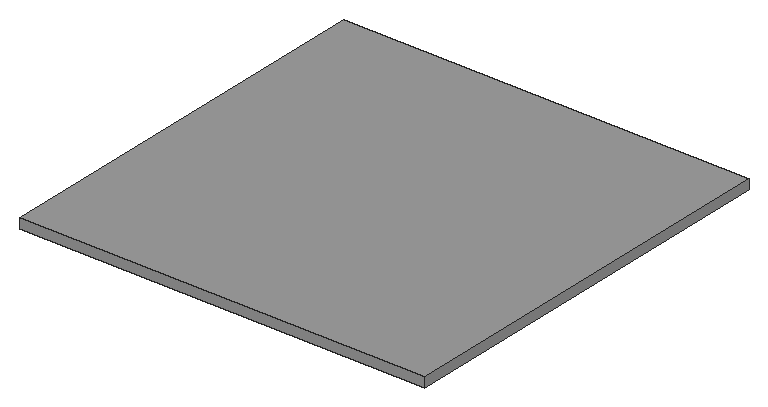
Revit family "WM-MN Skimmend 95mm Family", category Generic Models, host Ceiling, Revit 2017
Family settings
  Host = Ceiling
  Can host rebar = No
  Round Connector Dimension = Use Diameter
  Part Type = Normal
  Always vertical = Yes
  Cut with Voids When Loaded = No
  Shared = No
  Room Calculation Point = No
Parameters (values of type "Lambdaboard")
  Width = 4000 mm
  URL = "www.rigifoam.com"
  Type Comments = "duncan@rigifoam.com"
  Thermal Resistance = 3.9600 (m²·K)/W
  Thermal Conductivity = 0.0240 W/(m·K)
  Model = "WM/MN Skimmend 95mm"
  Material = Polyisocyanurate
  Manufacturer = "Lambdaboard"
  Length = 4000 mm
  Description = "Flexible PIR Insulation"
  Depth = 95 mm
  Density = 40.0000 kg/m³
Reference planes
  plane 1 "Center (Front/Back)": y = 0
  plane 2: z = 0
  plane 3 "Center (Left/Right)": x = 0
  plane 4 "Ceiling": z = 4000
Forms (mm)
  Extrusion 1, solid, material "Polyisocyanurate" <- "Material"
    sketch origin (0, 0, 4000) x (0, 1, 0) y (-1, 0, 0)
      loop
        line (2000, 2000) -> (-2000, 2000) -> (-2000, -2000) -> (2000, -2000) -> (2000, 2000)
    from -95 to 0
Dimensions and locks
  equal spacing: host sketch curve, plane 3 "Center (Left/Right)", host sketch curve
  equal spacing: host sketch curve, plane 1 "Center (Front/Back)", host sketch curve
  host sketch curve to host sketch curve = 4000 mm  (x2)
  plane 4 "Ceiling" to host ceiling = 0 mm
  "Length": Extrusion 1 to Extrusion 1
  "Width": Extrusion 1 to Extrusion 1
  Extrusion 1 to plane 3 "Center (Left/Right)" = 2000 mm
  plane 3 "Center (Left/Right)" to Extrusion 1 = 2000 mm
  "Depth": Extrusion 1 to Extrusion 1
Automatic sketch dimensions
  plane 1 "Center (Front/Back)" to Extrusion 1 sketch curve = 2000 mm
  Extrusion 1 sketch curve to plane 1 "Center (Front/Back)" = 2000 mm
  plane 3 "Center (Left/Right)" to Extrusion 1 sketch curve = 2000 mm
  Extrusion 1 sketch curve to plane 3 "Center (Left/Right)" = 2000 mm
